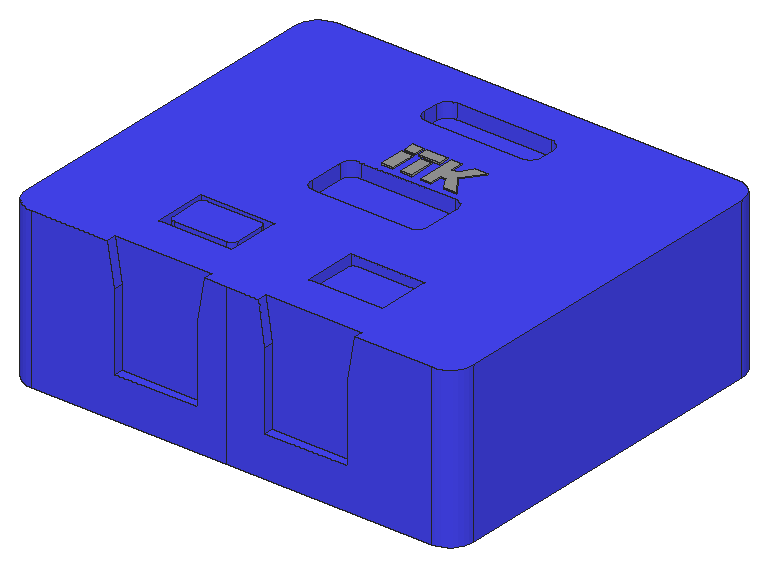
Revit family "ITK_Информационная розетка_Внутренняя_2 порта_IP20", category Обобщенные модели, Revit 2019
Family settings
  Может служить основой для арматурных стержней = Нет
  Размер круглого соединителя = Использовать диаметр
  Тип детали = Нормальный
  На основе рабочей плоскости = Нет
  Всегда вертикально = Да
  При загрузке вырезать с полостями = Нет
  Общий = Нет
  Точка расчета площади = Нет
Parameters (values of type "CS2-022")
  Ширина = 76 mm
  Степень защиты = "IP20"  # constant formula
  Материал = Пластик белый
  Изготовитель = "ITK"  # constant formula
  Дата изменения = ""
  Глубина = 65 mm
  Высота = 27 mm
  URL = "https://www.iek.ru/"
  KSI_CPr_Строительные изделия = ""
  KSI_CMa_Строительные материалы = "01.7.14.03"  # constant formula
  IEK_Цена за единицу = 91.03
  IEK_Поиск в таблице имен = ""
  IEK_Описание = "Соответствие международным стандартам качества, что обеспечивает совместимость с компонентами для СКС и с кабелем других производителей.\r\nИзготовлены из высококачественных негорючих материалов и отличаются надежностью и удобством эксплуатации."
  IEK_URL = "https://www.itk-group.ru/produktsiya/catalog/oborudovanie_telekommunikatsionnoe/komponenty_sks_mednye/rozetki_adaptery_i_moduli_keystone/moduli_keystone_jack_informatsionnye_rozetki_rozetochnye_korpusa_i_adaptery/rozetochnye_korpusa_modulnye_vstavki_dlya_keystone_jack_i_litsevye_ramki/rozetochnye_korpusa/itk_korpus_nastennoy_rozetki_dlya_ustanovki_dvukh_moduley_keystone_jack_belyy"
  ADSK_Примечание = ""
  ADSK_Позиция [instance] = ""
  ADSK_Наименование = "ITK Корпус настенной розетки для 2 мод. Keystone Jack"
  ADSK_Материал обозначение = ""
  ADSK_Материал наименование = "АБС-пластик"
  ADSK_Масса = 0.05
  ADSK_Марка = ""  # constant formula
  ADSK_Код изделия = "CS2-022"
  ADSK_Завод-изготовитель = "IEK"  # constant formula
  ADSK_Единица измерения = "шт"  # constant formula
  ADSK_Группирование = "I. ЩИТЫ И ПУЛЬТЫ"  # constant formula
  ADSK_Версия семейства = "1.0"  # constant formula
  ADSK_Версия Revit = "2019"  # constant formula
  ADSK_URL страницы изделия = "https://www.itk-group.ru/produktsiya/catalog/oborudovanie_telekommunikatsionnoe/komponenty_sks_mednye/rozetki_adaptery_i_moduli_keystone/moduli_keystone_jack_informatsionnye_rozetki_rozetochnye_korpusa_i_adaptery/rozetochnye_korpusa_modulnye_vstavki_dlya_keystone_jack_i_litsevye_ramki/rozetochnye_korpusa/"
Reference planes
  plane 1 "По центру (Вперед/Назад)": y = -11.177
  plane 2: z = 0
  plane 3 "По центру (Влево/Вправо)": x = 0
  plane 4: x = -38
  plane 5: x = 38
  plane 6: z = 27
  plane 7: y = 21.323
  plane 8: y = -43.677
Forms (mm)
  Extrusion 1, solid, material "Окраска - RAL 9005", detail levels fine
    sketch origin (-13.726, -63.196, 45.73) x (1, 0, 0) y (0, 1, 0)
      loop
        line (8.255, 62.533) -> (8.255, 58.301) -> (10.105, 58.301) -> (10.105, 62.533) -> (8.255, 62.533)
      loop
        line (8.255, 63.122) -> (10.105, 63.122) -> (10.105, 64.918) -> (8.255, 64.918) -> (8.255, 63.122)
      loop
        line (14.857, 64.918) -> (14.857, 58.301) -> (16.601, 58.301) -> (16.601, 60.349) -> (17.55, 60.349) -> (18.88, 58.301) -> (21.005, 58.301) -> (18.597, 61.614) -> (21.005, 64.918) -> (18.88, 64.918) -> (17.55, 62.87) -> (16.601, 62.87) -> (16.601, 64.918) -> (14.857, 64.918)
      loop
        line (10.633, 63.122) -> (14.256, 63.122) -> (14.256, 64.918) -> (10.633, 64.918) -> (10.633, 63.122)
      loop
        line (11.537, 62.533) -> (11.537, 58.301) -> (13.387, 58.301) -> (13.387, 62.533) -> (11.537, 62.533)
    from -18.73 to -18.541
  Extrusion 2, solid, material "Пластик белый", detail levels fine
    sketch origin (0, 0, 0) x (1, 0, 0) y (0, 1, 0)
      loop
        line (-38, 17.323) -> (-38, -39.677)
        arc (-38, -39.677) -> (-36.828, -42.505) -> (-34, -43.677) r 4
        line (-34, -43.677) -> (-1, -43.677) -> (34, -43.677)
        arc (34, -43.677) -> (36.828, -42.505) -> (38, -39.677) r 4
        line (38, -39.677) -> (38, 17.323)
        arc (38, 17.323) -> (36.828, 20.152) -> (34, 21.323) r 4
        line (34, 21.323) -> (-34, 21.323)
        arc (-34, 21.323) -> (-36.828, 20.152) -> (-38, 17.323) r 4
    from 0 to 27
  Extrusion 3, void
    sketch origin (0, 0, 0) x (1, 0, 0) y (0, 1, 0)
      loop
        line (-32, 16.861) -> (-32, -38.098)
        arc (-32, -38.098) -> (-31.414, -39.512) -> (-30, -40.098) r 2
        line (-30, -40.098) -> (30, -40.098)
        arc (30, -40.098) -> (31.414, -39.512) -> (32, -38.098) r 2
        line (32, -38.098) -> (32, 16.861)
        arc (32, 16.861) -> (31.414, 18.276) -> (30, 18.861) r 2
        line (30, 18.861) -> (-30, 18.861)
        arc (-30, 18.861) -> (-31.414, 18.276) -> (-32, 16.861) r 2
    from 0 to 24
  Extrusion 4, void
    sketch origin (0, 0, 0) x (1, 0, 0) y (0, 1, 0)
      loop
        arc (-8, 14.323) -> (-9.414, 13.738) -> (-10, 12.323) r 2
        line (-10, 12.323) -> (-10, 9.823)
        arc (-10, 9.823) -> (-9.414, 8.409) -> (-8, 7.823) r 2
        line (-8, 7.823) -> (8, 7.823)
        arc (8, 7.823) -> (9.414, 8.409) -> (10, 9.823) r 2
        line (10, 9.823) -> (10, 12.323)
        arc (10, 12.323) -> (9.414, 13.738) -> (8, 14.323) r 2
        line (8, 14.323) -> (-8, 14.323)
      loop
        arc (10, -8.177) -> (9.414, -6.762) -> (8, -6.177) r 2
        line (8, -6.177) -> (-8, -6.177)
        arc (-8, -6.177) -> (-9.414, -6.762) -> (-10, -8.177) r 2
        line (-10, -8.177) -> (-10, -14.177)
        arc (-10, -14.177) -> (-9.414, -15.591) -> (-8, -16.177) r 2
        line (-8, -16.177) -> (8, -16.177)
        arc (8, -16.177) -> (9.414, -15.591) -> (10, -14.177) r 2
        line (10, -14.177) -> (10, -8.177)
      loop
        line (-19.025, -26.377) -> (-19.025, -35.377) -> (-6.525, -35.377) -> (-6.525, -26.377) -> (-19.025, -26.377)
      loop
        line (6.525, -26.377) -> (6.525, -35.377) -> (19.025, -35.377) -> (19.025, -26.377) -> (6.525, -26.377)
    from 24.535 to 27
  Extrusion 5, void
    sketch origin (0, -11.177, 0) x (1, 0, 0) y (0, 0, 1)
      loop
        line (8, 6.238) -> (-8, 6.238)
        arc (-8, 6.238) -> (-9.414, 5.652) -> (-10, 4.238) r 2
        line (-10, 4.238) -> (-10, 0) -> (10, 0) -> (10, 4.238)
        arc (10, 4.238) -> (9.414, 5.652) -> (8, 6.238) r 2
    from -28 to -32.5
  Extrusion 6, void
    sketch origin (0, -11.177, 0) x (1, 0, 0) y (0, 0, 1)
      loop
        line (-20.967, 27) -> (-19.8, 20) -> (-19.8, 7) -> (-5.75, 7) -> (-5.75, 20) -> (-4.583, 27) -> (-20.967, 27)
      loop
        line (20.967, 27) -> (4.583, 27) -> (5.75, 20) -> (5.75, 7) -> (19.8, 7) -> (19.8, 20) -> (20.967, 27)
    from 31.005 to 32.5
  Extrusion 7, solid, material "Пластик белый", detail levels fine
    sketch origin (0, 0, 0) x (1, 0, 0) y (0, 1, 0)
      loop
        line (30, 15.856) -> (-30, 15.856)
        arc (-30, 15.856) -> (-31.414, 15.271) -> (-32, 13.856) r 2
        line (-32, 13.856) -> (-32, -31.683)
        arc (-32, -31.683) -> (-31.414, -33.097) -> (-30, -33.683) r 2
        line (-30, -33.683) -> (30, -33.683)
        arc (30, -33.683) -> (31.414, -33.097) -> (32, -31.683) r 2
        line (32, -31.683) -> (32, 13.856)
        arc (32, 13.856) -> (31.414, 15.271) -> (30, 15.856) r 2
    from 7.475 to 9.795
  Extrusion 8, solid, material "Пластик красный", detail levels fine
    sketch origin (0, 0, 0) x (1, 0, 0) y (0, 1, 0)
      loop
        arc (-17.241, -27.168) -> (-17.964, -27.468) -> (-18.264, -28.191) r 1.023
        line (-18.264, -28.191) -> (-18.264, -33.136)
        arc (-18.264, -33.136) -> (-17.959, -33.872) -> (-17.223, -34.177) r 1.04
        line (-17.223, -34.177) -> (-8.321, -34.177)
        arc (-8.321, -34.177) -> (-7.621, -33.886) -> (-7.331, -33.186) r 0.99
        line (-7.331, -33.186) -> (-7.331, -28.16)
        arc (-7.331, -28.16) -> (-7.621, -27.459) -> (-8.322, -27.168) r 0.991
        line (-8.322, -27.168) -> (-17.241, -27.168)
    from 24.535 to 27
  Extrusion 9, solid, material "Пластик синий", detail levels fine
    sketch origin (0, 0, 0) x (-1, 0, 0) y (0, -1, 0)
      loop
        line (-17.241, 27.168) -> (-8.322, 27.168)
        arc (-8.322, 27.168) -> (-7.621, 27.459) -> (-7.331, 28.16) r 0.991
        line (-7.331, 28.16) -> (-7.331, 33.186)
        arc (-7.331, 33.186) -> (-7.621, 33.886) -> (-8.321, 34.177) r 0.99
        line (-8.321, 34.177) -> (-17.223, 34.177)
        arc (-17.223, 34.177) -> (-17.959, 33.872) -> (-18.264, 33.136) r 1.04
        line (-18.264, 33.136) -> (-18.264, 28.191)
        arc (-18.264, 28.191) -> (-17.964, 27.468) -> (-17.241, 27.168) r 1.023
    from 24.535 to 26
  Extrusion 10, solid, material "Условный материал-отделка", detail levels coarse+medium
    sketch origin (0, 0, 0) x (1, 0, 0) y (0, 1, 0)
      loop
        line (-38, 21.323) -> (-38, -43.677) -> (38, -43.677) -> (38, 21.323) -> (-38, 21.323)
    from 0 to 27 <- "Высота"
Cuts and joins
  Extrusion 3, Extrusion 4, Extrusion 5, Extrusion 6 cuts Extrusion 2
Dimensions and locks
  "Высота": plane 6 to level
  equal spacing: plane 5, plane 3 "По центру (Влево/Вправо)", plane 4
  "Ширина": plane 5 to plane 4
  equal spacing: plane 8, plane 1 "По центру (Вперед/Назад)", plane 7
  "Глубина": plane 8 to plane 7
  aligned and locked: level to plane 2
  aligned and locked: Extrusion 2 to level
  aligned and locked: Extrusion 3 to level
  aligned and locked: Extrusion 2 to Extrusion 4
  aligned and locked: Extrusion 1 to cut or joined group of Extrusion 2, Extrusion 3, Extrusion 4, Extrusion 5, Extrusion 6
  aligned and locked: Extrusion 5 to level
  aligned and locked: cut or joined group of Extrusion 2, Extrusion 3, Extrusion 4, Extrusion 5, Extrusion 6 to Extrusion 8
  aligned and locked: plane 5 to Extrusion 2
  aligned and locked: Extrusion 2 to plane 4
  aligned and locked: Extrusion 2 to Extrusion 6
  aligned and locked: plane 7 to Extrusion 2
  aligned and locked: Extrusion 2 to Extrusion 5
  aligned and locked: Extrusion 10 sketch curve to plane 4
  aligned and locked: Extrusion 10 sketch curve to plane 7
  aligned and locked: Extrusion 10 sketch curve to plane 5
  aligned and locked: Extrusion 10 sketch curve to plane 8
Automatic sketch dimensions
  Extrusion 1 sketch curve to plane 3 "По центру (Влево/Вправо)" = 5.471 mm
  Extrusion 1 sketch curve to Extrusion 1 sketch curve = 0 mm  (x7)
  Extrusion 1 sketch curve to Extrusion 1 sketch curve = 1.85 mm
  Extrusion 1 sketch curve to Extrusion 1 sketch curve = 0.528 mm
  Extrusion 1 sketch curve to Extrusion 1 sketch curve = 0.904 mm
  Extrusion 1 sketch curve to plane 3 "По центру (Влево/Вправо)" = 0.339 mm
  plane 3 "По центру (Влево/Вправо)" to Extrusion 1 sketch curve = 0.53 mm
  Extrusion 1 sketch curve to Extrusion 1 sketch curve = 0.601 mm
  Extrusion 1 sketch curve to Extrusion 1 sketch curve = 1.744 mm  (x2)
  Extrusion 1 sketch curve to Extrusion 1 sketch curve = 0.948 mm  (x2)
  Extrusion 1 sketch curve to Extrusion 1 sketch curve = 1.047 mm
  Extrusion 1 sketch curve to Extrusion 1 sketch curve = 2.278 mm  (x2)
  Extrusion 1 sketch curve to Extrusion 1 sketch curve = 2.125 mm  (x2)
  Extrusion 1 sketch curve to plane 1 "По центру (Вперед/Назад)" = 6.281 mm  (x2)
  Extrusion 1 sketch curve to Extrusion 1 sketch curve = 2.048 mm  (x2)
  Extrusion 1 sketch curve to Extrusion 1 sketch curve = 1.266 mm
  Extrusion 1 sketch curve to Extrusion 1 sketch curve = 2.184 mm
  Extrusion 1 sketch curve to Extrusion 1 sketch curve = 1.255 mm
  Extrusion 1 sketch curve to Extrusion 1 sketch curve = 0.59 mm
  Extrusion 1 sketch curve to Extrusion 1 sketch curve = 1.795 mm  (x2)
  Extrusion 2 sketch curve to plane 4 = 0 mm
  Extrusion 2 sketch curve to Extrusion 2 sketch curve = 4 mm  (x3)
  Extrusion 2 sketch curve to plane 3 "По центру (Влево/Вправо)" = 1 mm
  Extrusion 2 sketch curve to plane 5 = 4 mm  (x2)
  plane 1 "По центру (Вперед/Назад)" to Extrusion 2 sketch curve = 32.5 mm
  Extrusion 2 sketch curve to plane 1 "По центру (Вперед/Назад)" = 28.5 mm
  plane 4 to Extrusion 3 sketch curve = 6 mm
  Extrusion 3 sketch curve to Extrusion 3 sketch curve = 2 mm  (x3)
  Extrusion 3 sketch curve to plane 5 = 8 mm  (x2)
  plane 1 "По центру (Вперед/Назад)" to Extrusion 3 sketch curve = 28.922 mm
  Extrusion 3 sketch curve to plane 1 "По центру (Вперед/Назад)" = 28.038 mm
  Extrusion 4 sketch curve to plane 3 "По центру (Влево/Вправо)" = 19.025 mm
  plane 1 "По центру (Вперед/Назад)" to Extrusion 4 sketch curve = 3 mm  (x2)
  Extrusion 4 sketch curve to plane 3 "По центру (Влево/Вправо)" = 10 mm  (x2)
  Extrusion 4 sketch curve to Extrusion 4 sketch curve = 2 mm  (x5)
  Extrusion 4 sketch curve to plane 3 "По центру (Влево/Вправо)" = 6.525 mm
  plane 3 "По центру (Влево/Вправо)" to Extrusion 4 sketch curve = 6.525 mm
  plane 3 "По центру (Влево/Вправо)" to Extrusion 4 sketch curve = 8 mm  (x2)
  Extrusion 4 sketch curve to Extrusion 4 sketch curve = 0 mm  (x2)
  Extrusion 4 sketch curve to plane 1 "По центру (Вперед/Назад)" = 5 mm
  Extrusion 4 sketch curve to Extrusion 4 sketch curve = 12.5 mm
  Extrusion 4 sketch curve to Extrusion 4 sketch curve = 10.2 mm  (x2)
  Extrusion 4 sketch curve to Extrusion 4 sketch curve = 9 mm  (x2)
  Extrusion 4 sketch curve to Extrusion 4 sketch curve = 14 mm
  Extrusion 4 sketch curve to Extrusion 4 sketch curve = 2.5 mm
  Extrusion 5 sketch curve to level = 0 mm
  Extrusion 5 sketch curve to Extrusion 5 sketch curve = 2 mm  (x2)
  Extrusion 5 sketch curve to plane 3 "По центру (Влево/Вправо)" = 8 mm
  level to Extrusion 5 sketch curve = 4.238 mm
  Extrusion 6 sketch curve to Extrusion 6 sketch curve = 1.167 mm  (x2)
  plane 3 "По центру (Влево/Вправо)" to Extrusion 6 sketch curve = 4.583 mm
  plane 3 "По центру (Влево/Вправо)" to Extrusion 6 sketch curve = 5.75 mm
  level to Extrusion 6 sketch curve = 7 mm  (x2)
  Extrusion 6 sketch curve to Extrusion 6 sketch curve = 14.05 mm  (x2)
  Extrusion 6 sketch curve to Extrusion 6 sketch curve = 0 mm
  Extrusion 6 sketch curve to Extrusion 6 sketch curve = 13 mm  (x2)
  Extrusion 6 sketch curve to Extrusion 6 sketch curve = 7 mm  (x3)
  Extrusion 8 sketch curve to plane 3 "По центру (Влево/Вправо)" = 18.264 mm
  Extrusion 8 sketch curve to Extrusion 8 sketch curve = 1.023 mm
  Extrusion 8 sketch curve to Extrusion 8 sketch curve = 1.04 mm
  Extrusion 8 sketch curve to plane 3 "По центру (Влево/Вправо)" = 8.322 mm
  Extrusion 8 sketch curve to Extrusion 8 sketch curve = 0.001 mm
  Extrusion 8 sketch curve to Extrusion 8 sketch curve = 0.991 mm
  plane 1 "По центру (Вперед/Назад)" to Extrusion 8 sketch curve = 23 mm
  Extrusion 8 sketch curve to Extrusion 8 sketch curve = 4.945 mm
  Extrusion 9 sketch curve to plane 3 "По центру (Влево/Вправо)" = 18.264 mm
  Extrusion 9 sketch curve to Extrusion 9 sketch curve = 1.023 mm
  Extrusion 9 sketch curve to Extrusion 9 sketch curve = 1.04 mm
  Extrusion 9 sketch curve to plane 3 "По центру (Влево/Вправо)" = 8.322 mm
  Extrusion 9 sketch curve to Extrusion 9 sketch curve = 0.001 mm
  Extrusion 9 sketch curve to Extrusion 9 sketch curve = 0.991 mm
  Extrusion 9 sketch curve to plane 1 "По центру (Вперед/Назад)" = 23 mm
  Extrusion 9 sketch curve to Extrusion 9 sketch curve = 4.945 mm
  plane 3 "По центру (Влево/Вправо)" to Extrusion 5 sketch curve = 8 mm
  Extrusion 6 sketch curve to plane 3 "По центру (Влево/Вправо)" = 4.583 mm
  Extrusion 6 sketch curve to plane 3 "По центру (Влево/Вправо)" = 5.75 mm
